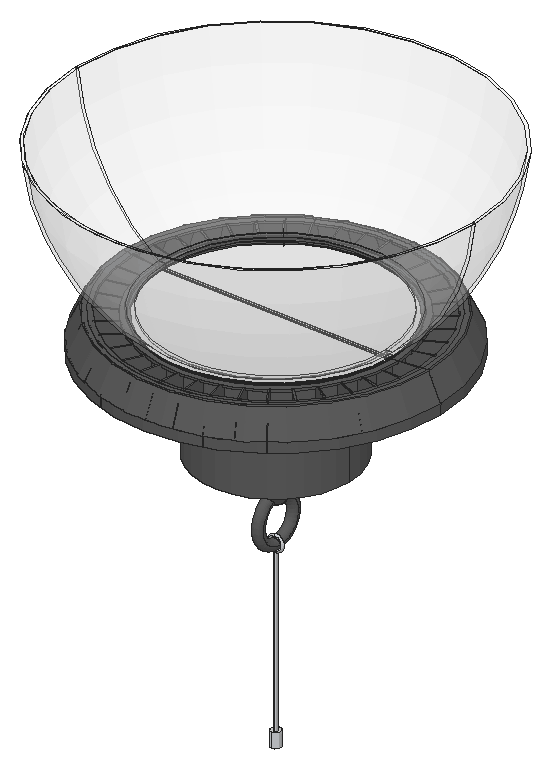
Revit family "0039349+0039361 Feilo Sylvania Lighting Fixture START HIGHBAY 4K 26KLM WIDE with PC LAMPSHADE TRANSPARENT FOR 26KLM", category Lighting Fixtures, host Face, Revit 2017
Family settings
  Host = Face
  Round Connector Dimension = Use Diameter
  Part Type = Normal
  OmniClass Number = 23.80.70.00
  OmniClass Title = Lighting
  Cut with Voids When Loaded = No
  Light Source = Yes
  Shared = No
  Room Calculation Point = No
Parameters (values of type "0039349+0039361 START HIGHBAY 4K 26KLM WIDE PC LAMPSHADE TRANSPARENT FOR 26KLM")
  WidthStraight_FEILO = if(SizeS_FEILO, 3 mm, if(SizeM_FEILO, 4 mm, 4.7 mm))  # 4.7 mm
  WidthRingChamfer_FEILO = if(SizeS_FEILO, 10.3 mm, if(SizeM_FEILO, 11.2 mm, 12.9 mm))  # 12.9 mm
  WidthCurved_FEILO = if(SizeS_FEILO, 17.4 mm, if(SizeM_FEILO, 16.4 mm, 26.2 mm))  # 26.2 mm
  WidthCurvedRing_FEILO = if(SizeS_FEILO, 3 mm, if(SizeM_FEILO, 4 mm, 4.7 mm))  # 4.7 mm
  WidthBracket_FEILO = 40 mm
  Weight = "3.7 kg"
  Wattage Comments = ""
  Wattage = 200 W
  WarrantyStartDate [instance] = "n/a"
  WarrantyGuarantorParts = "n/a"
  WarrantyDurationUnit = "n/a"
  WarrantyDurationParts = "n/a"
  WarrantyDescription = "n/a"
  built-in parameter 1150110 = 1 (stored number, unit not read)
  Voltage = 230 V
  VisibilityBracket_FEILO = no
  URL = "http://www.sylvania-lighting.com"
  TypeName = "START HIGHBAY 4K 26KLM WIDE PC LAMPSHADE TRANSPARENT FOR 26KLM"
  Type Image = <None>
  Type Comments = "n/a"
  built-in parameter 1114217 = 1 (stored number, unit not read)
  Tilt Angle = -90.00°
  ThicknessWall_FEILO = 1.5 mm
  ThicknessBracket_FEILO = 1.5 mm
  ThicknessBracketHalf_FEILO = ThicknessBracket_FEILO / 2  # 0.75 mm
  built-in parameter 1150109 = 1 (stored number, unit not read)
  built-in parameter 1150134 = 12
  SuspensionHeight_FEILO [instance] = 400 mm
  built-in parameter 1150113 = 1 (stored number, unit not read)
  SizeS_FEILO = no
  SizeM_FEILO = no
  ShadeThickness_FEILO = 3 mm
  ShadeSizeSM_FEILO = or(SizeS_FEILO, SizeM_FEILO)  # no
  ShadeRadiusOut_FEILO = 205 mm
  ShadeRadiusIn_FEILO = if(ShadeSizeSM_FEILO, 95 mm, 121 mm)  # 121 mm
  ShadeRadiusBend_FEILO = if(ShadeSizeSM_FEILO, 210 mm, 210 mm)  # 210 mm
  ShadeHeight_FEILO = if(ShadeSizeSM_FEILO, 120 mm, 151 mm)  # 151 mm
  SerialNumber [instance] = "n/a"
  Rib4_FEILO = if(SizeS_FEILO, 18.1 mm, if(SizeM_FEILO, 13.6 mm, 14.6 mm))  # 14.6 mm
  Rib3_FEILO = if(SizeS_FEILO, 15.3 mm, if(SizeM_FEILO, 17.6 mm, 20.2 mm))  # 20.2 mm
  Rib2_FEILO = if(SizeS_FEILO, 3.6 mm, if(SizeM_FEILO, 3.9 mm, 4.5 mm))  # 4.5 mm
  Rib1_FEILO = if(SizeS_FEILO, 15.1 mm, if(SizeM_FEILO, 16.5 mm, 19 mm))  # 19 mm
  RadiusDiffuser_FEILO = if(SizeS_FEILO, 95.2 mm, if(SizeM_FEILO, 105.3 mm, 120 mm))  # 120 mm
  RadiusArrayPost_FEILO = DriverRadius_FEILO - 6 mm  # 70.4 mm
  RHRadius3_FEILO = if(SizeS_FEILO, 6.6 mm, if(SizeM_FEILO, 7.4 mm, 8.6 mm))  # 8.6 mm
  RHRadius2_FEILO = if(SizeS_FEILO, 11 mm, if(SizeM_FEILO, 12 mm, 14 mm))  # 14 mm
  RHRadius1_FEILO = if(SizeS_FEILO, 13.6 mm, if(SizeM_FEILO, 14.9 mm, 17.7 mm))  # 17.7 mm
  RHHeight4_FEILO = if(SizeS_FEILO, 7.3 mm, if(SizeM_FEILO, 8 mm, 9.2 mm))  # 9.2 mm
  RHHeight3_FEILO = if(SizeS_FEILO, 3.6 mm, if(SizeM_FEILO, 3.7 mm, 4.6 mm))  # 4.6 mm
  RHHeight2_FEILO = if(SizeS_FEILO, 2 mm, if(SizeM_FEILO, 2.2 mm, 2.6 mm))  # 2.6 mm
  RHHeight1_FEILO = if(SizeS_FEILO, 11.8 mm, if(SizeM_FEILO, 15.3 mm, 17.4 mm))  # 17.4 mm
  Photometric Web File = "0039349+0039361.ies"
  Material_5_FEILO = Shade-Sylvania-StartHighbay-PC
  Material_3_FEILO = LED-Sylvania-StartHighbay-Glow
  PowerFactor = 0.95
  PowerConsumption = "200 W"
  NominalLength = 339 mm
  NominalHeight = 194 mm
  NominalDepth = 339 mm
  Name = "START HIGHBAY 4K 26KLM WIDE PC LAMPSHADE TRANSPARENT FOR 26KLM"
  ModelReference = Name  # "START HIGHBAY 4K 26KLM WIDE PC LAMPSHADE TRANSPARENT FOR 26KLM"
  ModelNumber = "0039349+0039361"
  Model = Name  # "START HIGHBAY 4K 26KLM WIDE PC LAMPSHADE TRANSPARENT FOR 26KLM"
  Material = "aluminium alloy housing, polycarbonate diffuser"
  ManufacturerName = "Feilo Sylvania"
  Manufacturer = "Feilo Sylvania"
  LuminousEfficacy = "130 lm/W"
  built-in parameter 1150105 = 17911 (stored number, unit not read)
  Lumens = 26000 lm
  LuminaireType = ""
  built-in parameter 1150115 = 1 (stored number, unit not read)
  LightOutputRatio = "n/a"
  built-in parameter 1150137 = (empty or 0)
  built-in parameter 1150139 = (empty or 0)
  LampsType = Lamp  # "LED"
  LampNominalLuminous = "26000 lm"
  LampMacAdamStep = "n/a"
  LampColourTemperature = "4000 K"
  LampColourRenderingIndex = "80"
  built-in parameter 1150112 = 1 (stored number, unit not read)
  built-in parameter 1150114 = 1 (stored number, unit not read)
  Lamp = "LED"
  Keynote = "16500"
  InstallationDate [instance] = "n/a"
  InputVoltage = "220-240V~"
  InputNominalFrequency = "50/60 Hz"
  built-in parameter 1150132 = (empty or 0)
  built-in parameter 1150102 = (empty or 0)
  built-in parameter 1150107 = 4000 (stored number, unit not read)
  built-in parameter 1150138 = (empty or 0)
  IngressProtection = "IP65"
  ImpactProtectionIndex = "IK08"
  built-in parameter 1150106 = 179.11 (stored number, unit not read)
  IfcExportType = "IfcLightFixtureType"
  IfcExportAs = "IfcLightFixtureType"
  HeightRing_FEILO = if(SizeS_FEILO, 19.8 mm, if(SizeM_FEILO, 32 mm, 36.8 mm))  # 36.8 mm
  HeightRingChamfer_FEILO = if(SizeS_FEILO, 11.7 mm, if(SizeM_FEILO, 23.2 mm, 26.6 mm))  # 26.6 mm
  EyeThickness_FEILO = if(SizeS_FEILO, 8.4 mm, if(SizeM_FEILO, 9.2 mm, 10.5 mm))  # 10.5 mm
  EyeThicknessHalf_FEILO = EyeThickness_FEILO / 2  # 5.25 mm
  EyeInner_FEILO = if(SizeS_FEILO, 13.8 mm, if(SizeM_FEILO, 15.1 mm, 17.3 mm))  # 17.3 mm
  ExpectedLife = 50000
  Emit from Circle Diameter = RadiusDiffuser_FEILO * 2  # 240 mm
  Emit Shape Visible in Rendering = no
  ElectricShockClassification = "Class I"
  built-in parameter 1150104 = 12.077 (stored number, unit not read)
  DurationUnit = "hours"
  DriverVerticalStraight_FEILO = if(SizeS_FEILO, 46.5 mm, if(SizeM_FEILO, 49.7 mm, 57 mm))  # 57 mm
  DriverVerticalChamfer_FEILO = if(SizeS_FEILO, 7.5 mm, if(SizeM_FEILO, 8.2 mm, 9.5 mm))  # 9.5 mm
  DriverRadius_FEILO = if(SizeS_FEILO, 61.4 mm, if(SizeM_FEILO, 67.2 mm, 76.4 mm))  # 76.4 mm
  DriverRadiusTop_FEILO = if(SizeS_FEILO, 42 mm, if(SizeM_FEILO, 45.3 mm, 52.4 mm))  # 52.4 mm
  DriverBottom_FEILO = if(SizeS_FEILO, 56 mm, if(SizeM_FEILO, 64.5 mm, 74 mm))  # 74 mm
  DocumentationLiterature = "http://www.sylvania-lighting.com/product/en-int/products/0039349"
  DimmingControlOptions = "n/a"
  Material_2_FEILO = Diffuser-Sylvania-StartHighbay-Transparent
  Radius_FEILO = if(SizeS_FEILO, 135 mm, if(SizeM_FEILO, 148 mm, 169.5 mm))  # 169.5 mm
  Dimming Lamp Color Temperature Shift = <None>
  DiameterWire_FEILO = 3 mm
  DiameterWireSupport_FEILO = 10 mm
  Description = "START HIGHBAY, includes 1 m cables, black aluminium housing, 26000LM, 200W, 130lm/W, 4000K, Driver current: 5000mA, CR80, 90° beam angle, 1-10V dimmable,  IP65, IK08, 50,000 hrs (L70B50), (LxWxH) 339x339x194mm"
  Default Elevation = 1219.2 mm
  CreatedOn = "2/28/2018"
  CreatedBy = ""
  Cost = 0
  Color Filter = 16777215
  built-in parameter 1114216 [instance] = (empty or 0)
  ClassificationValue = "EF_70_80"
  ClassificationName = "Uniclass2015"
  Material_1_FEILO = Body-Sylvania-StartHighbay-Black
  BarCode [instance] = "n/a"
  built-in parameter 1114218 = 1 (stored number, unit not read)
  built-in parameter 1150133 = 10 (stored number, unit not read)
  AssetType = "Fixed"
  AssetIdentifier [instance] = "n/a"
  Assembly Code = "D5020200"
  Apparent Load = 200 VA
  Material_4_FEILO = Shade-Sylvania-StartHighbay-PC
Reference planes
  plane 1 "Center (Front/Back)": y = 0
  plane 2: z = 0
  plane 3 "Center (Left/Right)": x = 0
  plane 4: z = 400
  plane 5: x = -169.5
  plane 6: x = -156.6
  plane 7: z = 373.4
  plane 8: z = 363.2
  plane 9: x = -151.9
  plane 10: z = 397.375
  plane 11: x = -125.7
  plane 12: x = -120
  plane 13: x = -147.2
  plane 14: z = 398.375
  plane 15: z = 396.375
  plane 16: x = -117
  plane 17: z = 395.375
  plane 18: x = -168
  plane 19: x = -150.5
  plane 20: z = 358.7
  plane 21: x = -130.3
  plane 22: z = 344.1
  plane 23: x = -20
  plane 24: z = 326
  plane 25: x = -76.4
  plane 26: z = 269
  plane 27: x = -52.4
  plane 28: z = 259.5
  plane 29: x = -17.7
  plane 30: z = 242.1
  plane 31: z = 239.5
  plane 32: x = -14
  plane 33: z = 234.9
  plane 34: z = 225.7
  plane 35: x = -8.6
  plane 36: z = 208.4
  plane 37: z = 191.1
  plane 38: x = 5.25
  plane 39: x = -5.25
  plane 40: z = 180.6
  plane 41: z = 185.85
  plane 42: x = -162.3
  plane 43: x = -167
  plane 44: z = 361.7
  plane 45: x = -155.1
  plane 46: z = 297.5
  plane 47: y = -20
  plane 48: y = 20
  plane 49: x = 169.5
  plane 50: x = 156.6
  plane 51: x = 168
  plane 52: x = 162.3
  plane 53: x = 167
  plane 54: x = 155.1
  plane 55: z = 194.1
  plane 56: y = 1.5
  plane 57: y = -1.5
  plane 58: z = 192.6
  plane 59: z = 179.1
  plane 60: z = 177.6
  plane 61: y = -5
  plane 62: y = 5
  plane 63: z = 14
  plane 64: x = -205
  plane 65: z = 551
  plane 66: x = -121
  plane 67: x = -113
  plane 68: x = -202
  plane 69: z = 403
Forms (mm)
  Revolve 1, solid, material "Body-Sylvania-StartHighbay-Black" <- "Material_1_FEILO", detail levels medium+fine
    sketch origin (0, 0, 0) x (1, 0, 0) y (0, 0, 1)
      loop
        line (-169.5, 363.2) -> (-168, 363.2) -> (-168, 373.055) -> (-156.206, 397.375) -> (-147.2, 397.375) -> (-147.2, 399.137)
        arc (-147.2, 399.137) -> (-149.554, 399.547) -> (-151.9, 400) r 132.063
        line (-151.9, 400) -> (-156.141, 400)
        arc (-156.141, 400) -> (-156.63, 399.826) -> (-156.899, 399.383) r 0.774
        line (-156.899, 399.383) -> (-169.5, 373.4) -> (-169.5, 363.2)
      axis (0, 400) -> (0, 363.2)
    angle from 360 to 0
  Revolve 2, solid, material "Body-Sylvania-StartHighbay-Black" <- "Material_1_FEILO", detail levels medium+fine
    sketch origin (0, 0, 0) x (1, 0, 0) y (0, 0, 1)
      loop
        line (-125.7, 395.375) -> (-120, 395.375) -> (-120, 373.4) -> (0, 373.4) -> (0, 395.375) -> (-117, 395.375) -> (-117, 396.375) -> (-120, 396.375) -> (-120, 397.375) -> (-125.7, 397.375) -> (-125.7, 395.375)
      axis (0, 397.375) -> (0, 373.4)
    angle from 360 to 0
  Revolve 3, solid, material "Diffuser-Sylvania-StartHighbay-Transparent" <- "Material_2_FEILO", detail levels medium+fine
    sketch origin (0, 0, 0) x (1, 0, 0) y (0, 0, 1)
      loop
        line (-120, 396.375) -> (0, 396.375) -> (0, 398.375) -> (-120, 398.375) -> (-120, 396.375)
      axis (0, 398.375) -> (0, 396.375)
    angle from 360 to 0
  Revolve 4, solid, material "Body-Sylvania-StartHighbay-Black" <- "Material_1_FEILO"
    sketch origin (0, 0, 0) x (1, 0, 0) y (0, 0, 1)
      loop
        line (-76.4, 344.1) -> (-76.4, 269) -> (-52.4, 259.5) -> (-17.7, 259.5) -> (-17.7, 242.1) -> (-14, 239.5) -> (-14, 234.9) -> (-9.037, 226.426)
        arc (-9.037, 226.426) -> (-8.49, 225.894) -> (-7.753, 225.7) r 1.5
        line (-7.753, 225.7) -> (0, 225.7) -> (0, 344.1) -> (-76.4, 344.1)
      axis (0, 344.1) -> (0, 225.7)
    angle from 360 to 0
  Revolve 5, solid, material "Body-Sylvania-StartHighbay-Black" <- "Material_1_FEILO"
    sketch origin (0, 0, 0) x (1, 0, 0) y (0, 0, 1)
      loop
        circle (0, 185.85) r 5.25
      axis (5.25, 208.4) -> (-5.25, 208.4)
    angle from 360 to 0
  Extrusion 6, solid, material "Body-Sylvania-StartHighbay-Black" <- "Material_1_FEILO", visible <- "VisibilityBracket_FEILO"
    sketch origin (0, 0, 0) x (1, 0, 0) y (0, 0, 1)
      loop
        line (-167, 363.2) -> (-167, 361.7) -> (-157.35, 361.7)
        arc (-157.35, 361.7) -> (-156.82, 361.48) -> (-156.6, 360.95) r 0.75
        line (-156.6, 360.95) -> (-156.6, 297.5) -> (-155.1, 297.5) -> (-155.1, 361.7)
        arc (-155.1, 361.7) -> (-155.539, 362.761) -> (-156.6, 363.2) r 1.5
        line (-156.6, 363.2) -> (-167, 363.2)
      loop
        line (167, 363.2) -> (156.6, 363.2)
        arc (156.6, 363.2) -> (155.539, 362.761) -> (155.1, 361.7) r 1.5
        line (155.1, 361.7) -> (155.1, 297.5) -> (156.6, 297.5) -> (156.6, 360.95)
        arc (156.6, 360.95) -> (156.82, 361.48) -> (157.35, 361.7) r 0.75
        line (157.35, 361.7) -> (167, 361.7) -> (167, 363.2)
    from -20 to 20
  Extrusion 7, void
    sketch origin (0, 0, 0) x (0, 1, 0) y (0, 0, 1)
      loop
        arc (-10, 297.5) -> (-17.071, 300.429) -> (-20, 307.5) r 10
        line (-20, 307.5) -> (-25, 307.5) -> (-25, 292.5) -> (-10, 292.5) -> (-10, 297.5)
      loop
        line (10, 297.5) -> (10, 292.5) -> (25, 292.5) -> (25, 307.5) -> (20, 307.5)
        arc (20, 307.5) -> (17.071, 300.429) -> (10, 297.5) r 10
    from -156.6 to 156.6
  Revolve 8, solid, material "Body-Sylvania-StartHighbay-Black" <- "Material_1_FEILO", detail levels coarse
    sketch origin (0, 0, 0) x (1, 0, 0) y (0, 0, 1)
      loop
        line (0, 400) -> (-156.6, 400) -> (-169.5, 373.4) -> (-169.5, 363.2) -> (-150.5, 363.2) -> (-150.5, 358.7) -> (-130.3, 344.1) -> (0, 344.1) -> (0, 400)
      axis (0, 400) -> (0, 344.1)
    angle from 360 to 0
  Revolve 9, solid
    sketch origin (0, 0, 0) x (0, 1, 0) y (0, 0, 1)
      loop
        circle (0, 192.6) r 1.5
      axis (1.5, 185.85) -> (-1.5, 185.85)
    angle from 360 to 0
  Revolve 10, solid
    sketch origin (0, 0, 0) x (0, 1, 0) y (0, 0, 1)
      loop
        line (0, 0) -> (0, 179.1) -> (-1.5, 179.1) -> (-1.5, 14) -> (-5, 14) -> (-5, 0) -> (0, 0)
      axis (0, 0) -> (0, 179.1)
    angle from 360 to 0
  Revolve 11, solid, material "Shade-Sylvania-StartHighbay-PC" <- "Material_4_FEILO"
    sketch origin (0, 0, 0) x (1, 0, 0) y (0, 0, 1)
      loop
        line (-121, 400) -> (-113, 400) -> (-113, 403) -> (-120.341, 403)
        arc (-120.341, 403) -> (-177.055, 468.269) -> (-202.193, 551) r 207.203
        line (-202.193, 551) -> (-205, 551)
        arc (-205, 551) -> (-179.25, 466.46) -> (-121, 400) r 210
      axis (0, 551) -> (0, 400)
    angle from 360 to 0
Cuts and joins
  Extrusion 7 cuts Extrusion 6
Lines and regions (mm)
  reference lines
    curve 1: line (-169.5, 0, 373.4) -> (-156.6, 0, 400)
    curve 2: line (-125.7, 0, 397.375) -> (0, 0, 397.375)
    curve 3: arc (-125.7, 0, 397.375) -> (-138.866, 0, 398.033) -> (-151.9, 0, 400) r 132.063
    curve 4: line (-156.6, 0, 400) -> (-151.9, 0, 400)
    curve 5: line (-156.206, 0, 397.375) -> (-168, 0, 373.055)
    curve 6: line (-150.5, 0, 358.7) -> (-130.3, 0, 344.1)
    curve 7: line (-14, 0, 234.9) -> (-8.6, 0, 225.7)
    curve 8: circle (0, 0, 185.85) r 5.25 normal (0, -1, 0)
    curve 9: arc (-121, 0, 400) -> (-179.25, 0, 466.46) -> (-205, 0, 551) r 210
Dimensions and locks
  "Radius_FEILO": plane 3 "Center (Left/Right)" to plane 5
  "WidthRingChamfer_FEILO": plane 6 to plane 5
  "WidthStraight_FEILO": plane 9 to plane 6
  "WidthCurvedRing_FEILO": plane 13 to plane 9
  locked: plane 10 to plane 15 at 1
  locked: plane 14 to plane 10 at 1
  locked: plane 4 to plane 10 at 2.625
  locked: plane 15 to plane 17 at 1
  "ThicknessWall_FEILO": plane 18 to plane 5
  "ThicknessWall_FEILO": curve 5 to curve 1
  "HeightRingChamfer_FEILO": plane 4 to plane 7
  "HeightRing_FEILO": plane 4 to plane 8
  "RadiusDiffuser_FEILO": plane 3 "Center (Left/Right)" to plane 12
  locked: plane 16 to plane 12 at 3
  "WidthCurved_FEILO": plane 11 to plane 9
  "SuspensionHeight_FEILO": plane 4 to plane 2
  "Rib1_FEILO": plane 19 to plane 5
  "Rib2_FEILO": plane 8 to plane 20
  "Rib3_FEILO": plane 21 to plane 19
  "Rib4_FEILO": plane 20 to plane 22
  locked: plane 3 "Center (Left/Right)" to plane 23 at 20
  "DriverBottom_FEILO": plane 4 to plane 24
  "DriverRadius_FEILO": plane 3 "Center (Left/Right)" to plane 25
  "DriverVerticalStraight_FEILO": plane 24 to plane 26
  "DriverRadiusTop_FEILO": plane 3 "Center (Left/Right)" to plane 27
  "DriverVerticalChamfer_FEILO": plane 26 to plane 28
  "RHRadius1_FEILO": plane 3 "Center (Left/Right)" to plane 29
  "RHHeight2_FEILO": plane 30 to plane 31
  "RHRadius2_FEILO": plane 3 "Center (Left/Right)" to plane 32
  "RHHeight3_FEILO": plane 31 to plane 33
  "RHHeight4_FEILO": plane 33 to plane 34
  "RHRadius3_FEILO": plane 3 "Center (Left/Right)" to plane 35
  "RHHeight1_FEILO": plane 28 to plane 30
  "EyeInner_FEILO": plane 34 to plane 36
  "EyeInner_FEILO": plane 36 to plane 37
  equal spacing: plane 38, plane 3 "Center (Left/Right)", plane 39
  "EyeThickness_FEILO": plane 38 to plane 39
  "EyeThickness_FEILO": plane 37 to plane 40
  equal spacing: plane 37, plane 41, plane 40
  equal spacing: plane 6, plane 42, plane 18
  "ThicknessBracket_FEILO": plane 45 to plane 6
  "ThicknessBracket_FEILO": plane 8 to plane 44
  locked: plane 43 to plane 18 at 1
  equal spacing: plane 24, plane 46, plane 26
  equal spacing: plane 47, plane 1 "Center (Front/Back)", plane 48
  "WidthBracket_FEILO": plane 47 to plane 48
  "WidthRingChamfer_FEILO": plane 50 to plane 49
  "ThicknessWall_FEILO": plane 51 to plane 49
  equal spacing: plane 50, plane 52, plane 51
  "ThicknessBracket_FEILO": plane 54 to plane 50
  locked: plane 53 to plane 51 at 1
  "Radius_FEILO": plane 49 to plane 3 "Center (Left/Right)"
  equal spacing: plane 57, imposter light, plane 56
  "DiameterWire_FEILO": plane 57 to plane 56
  "DiameterWire_FEILO": plane 37 to plane 55
  equal spacing: plane 37, plane 58, plane 55
  "DiameterWire_FEILO": plane 60 to plane 40
  equal spacing: plane 60, plane 59, plane 40
  equal spacing: plane 61, plane 1 "Center (Front/Back)", plane 62
  "DiameterWireSupport_FEILO": plane 61 to plane 62
  locked: plane 63 to plane 2 at 14
  "ShadeRadiusOut_FEILO": plane 3 "Center (Left/Right)" to plane 64
  "ShadeHeight_FEILO": plane 65 to plane 4
  "ShadeRadiusIn_FEILO": plane 3 "Center (Left/Right)" to plane 66
  locked: plane 67 to plane 66 at 8
  "ShadeThickness_FEILO": plane 69 to plane 4
  "ShadeThickness_FEILO": plane 68 to plane 64
  "EyeThicknessHalf_FEILO": radius of curve 8
  "ThicknessBracket_FEILO": radius of Extrusion 6 sketch curve  (x2)
  "ThicknessBracketHalf_FEILO": radius of Extrusion 6 sketch curve  (x2)
  "DiameterWire_FEILO": diameter of Revolve 9 sketch curve
  "ShadeRadiusBend_FEILO": radius of curve 9
  aligned and locked: plane 2 to host face
  aligned and locked: level to host face
  aligned and locked: plane 5 to curve 1
  aligned and locked: plane 6 to curve 1
  aligned and locked: plane 7 to curve 1
  aligned and locked: plane 10 to curve 2
  aligned and locked: plane 9 to curve 3
  aligned and locked: plane 4 to curve 3
  aligned and locked: plane 11 to curve 3
  aligned and locked: plane 4 to curve 4
  aligned and locked: plane 18 to curve 5
  aligned and locked: plane 10 to curve 5
  aligned and locked: Revolve 1 sketch curve to plane 3 "Center (Left/Right)"
  aligned and locked: Revolve 1 sketch curve to curve 3
  aligned and locked: Revolve 1 sketch curve to curve 1
  aligned and locked: plane 4 to Revolve 1 sketch curve
  aligned and locked: plane 9 to Revolve 1 sketch curve
  aligned and locked: Revolve 1 sketch curve to plane 13
  aligned and locked: Revolve 1 sketch curve to plane 10
  aligned and locked: plane 13 to Revolve 1 sketch curve
  aligned and locked: plane 10 to Revolve 1 sketch curve
  aligned and locked: Revolve 1 sketch curve to plane 18
  aligned and locked: Revolve 1 sketch curve to plane 8
  aligned and locked: plane 5 to Revolve 1 sketch curve  (x2)
  aligned and locked: Revolve 2 sketch curve to plane 3 "Center (Left/Right)"
  aligned and locked: plane 11 to Revolve 2 sketch curve
  aligned and locked: Revolve 2 sketch curve to curve 2
  aligned and locked: plane 15 to Revolve 2 sketch curve
  aligned and locked: Revolve 2 sketch curve to plane 16
  aligned and locked: plane 17 to Revolve 2 sketch curve  (x2)
  aligned and locked: Revolve 2 sketch curve to plane 12
  aligned and locked: plane 7 to Revolve 2 sketch curve
  aligned and locked: Revolve 3 sketch curve to plane 3 "Center (Left/Right)"
  aligned and locked: Revolve 3 sketch curve to plane 14
  aligned and locked: plane 3 "Center (Left/Right)" to Revolve 3 sketch curve
  aligned and locked: Revolve 3 sketch curve to plane 12
  aligned and locked: plane 15 to Revolve 3 sketch curve
  aligned and locked: Revolve 1 sketch curve to curve 5
  aligned and locked: plane 22 to curve 6
  aligned and locked: plane 21 to curve 6
  aligned and locked: plane 20 to curve 6
  aligned and locked: plane 19 to curve 6
  aligned and locked: plane 33 to curve 7
  aligned and locked: plane 32 to curve 7
  aligned and locked: plane 35 to curve 7
  aligned and locked: plane 34 to curve 7
  aligned and locked: Revolve 4 sketch curve to plane 3 "Center (Left/Right)"
  aligned and locked: Revolve 4 sketch curve to plane 25
  aligned and locked: plane 27 to Revolve 4 sketch curve
  aligned and locked: plane 28 to Revolve 4 sketch curve
  aligned and locked: plane 30 to Revolve 4 sketch curve
  aligned and locked: Revolve 4 sketch curve to plane 29
  aligned and locked: plane 31 to Revolve 4 sketch curve
  aligned and locked: Revolve 4 sketch curve to curve 7
  aligned and locked: Revolve 4 sketch curve to plane 32
  aligned and locked: plane 34 to Revolve 4 sketch curve
  aligned and locked: plane 3 "Center (Left/Right)" to Revolve 4 sketch curve
  aligned and locked: plane 3 "Center (Left/Right)" to curve 8
  aligned and locked: plane 41 to curve 8
  aligned and locked: Revolve 5 sketch curve to plane 36
  aligned and locked: Revolve 5 sketch curve to curve 8
  aligned and locked: plane 43 to Extrusion 6 sketch curve  (x2)
  aligned and locked: plane 8 to Extrusion 6 sketch curve  (x3)
  aligned and locked: Extrusion 6 sketch curve to plane 45
  aligned and locked: Extrusion 6 sketch curve to plane 46  (x2)
  aligned and locked: plane 6 to Extrusion 6 sketch curve
  aligned and locked: Extrusion 6 sketch curve to plane 44  (x2)
  aligned and locked: Extrusion 6 to plane 48
  aligned and locked: plane 47 to Extrusion 6
  aligned and locked: plane 53 to Extrusion 6 sketch curve
  aligned and locked: plane 50 to Extrusion 6 sketch curve
  aligned and locked: Extrusion 6 sketch curve to plane 54
  aligned and locked: Extrusion 7 sketch curve to Extrusion 7 sketch curve
  aligned and locked: Extrusion 7 to plane 6
  aligned and locked: Extrusion 7 to Extrusion 6
  aligned and locked: Revolve 4 sketch curve to plane 22
  aligned and locked: plane 23 to nested 1
  aligned and locked: plane 1 "Center (Front/Back)" to nested 1
  aligned and locked: Revolve 8 sketch curve to plane 3 "Center (Left/Right)"
  aligned and locked: Revolve 8 sketch curve to plane 4
  aligned and locked: plane 6 to Revolve 8 sketch curve
  aligned and locked: plane 4 to Revolve 8 sketch curve
  aligned and locked: plane 7 to Revolve 8 sketch curve
  aligned and locked: Revolve 8 sketch curve to plane 5
  aligned and locked: plane 8 to Revolve 8 sketch curve  (x2)
  aligned and locked: Revolve 8 sketch curve to plane 19
  aligned and locked: plane 20 to Revolve 8 sketch curve
  aligned and locked: plane 19 to Revolve 8 sketch curve
  aligned and locked: plane 21 to Revolve 8 sketch curve
  aligned and locked: plane 22 to Revolve 8 sketch curve  (x2)
  aligned and locked: Revolve 8 sketch curve to Revolve 8 sketch curve
  aligned and locked: imposter light to plane 4
  aligned and locked: plane 3 "Center (Left/Right)" to imposter light
  aligned and locked: imposter light to plane 1 "Center (Front/Back)"
  aligned and locked: Revolve 9 sketch curve to plane 41
  aligned and locked: Revolve 10 sketch curve to plane 1 "Center (Front/Back)"
  aligned and locked: plane 1 "Center (Front/Back)" to Revolve 10 sketch curve  (x2)
  aligned and locked: host face to Revolve 10 sketch curve
  aligned and locked: plane 63 to Revolve 10 sketch curve
  aligned and locked: Revolve 10 sketch curve to plane 61
  aligned and locked: Revolve 10 sketch curve to plane 57
  aligned and locked: plane 59 to Revolve 10 sketch curve
  aligned and locked: plane 64 to curve 9
  aligned and locked: plane 65 to curve 9
  aligned and locked: plane 66 to curve 9
  aligned and locked: plane 4 to curve 9
  aligned and locked: Revolve 11 sketch curve to curve 9
  aligned and locked: plane 67 to Revolve 11 sketch curve
  aligned and locked: plane 66 to Revolve 11 sketch curve
  aligned and locked: plane 65 to Revolve 11 sketch curve  (x2)
  aligned and locked: Revolve 11 sketch curve to plane 67
  aligned and locked: plane 69 to Revolve 11 sketch curve
Automatic sketch dimensions
  host sketch curve to host sketch curve = 2438.4 mm  (x2)
  Revolve 1 sketch curve to plane 6 = 0.299 mm
  plane 6 to Revolve 1 sketch curve = 0.459 mm
  Revolve 1 sketch curve to level = 609.6 mm
  Revolve 1 sketch curve to Revolve 1 sketch curve = 2312.223 mm
  Revolve 2 sketch curve to plane 12 = 0 mm
  Revolve 2 sketch curve to plane 3 "Center (Left/Right)" = 0 mm
  Revolve 2 sketch curve to level = 609.6 mm
  Revolve 2 sketch curve to plane 4 = 2339.058 mm
  Revolve 3 sketch curve to level = 609.6 mm
  Revolve 3 sketch curve to plane 4 = 2339.058 mm
  Revolve 5 sketch curve to plane 5 = 1080 mm
  plane 38 to Revolve 5 sketch curve = 1219.2 mm
  Extrusion 7 sketch curve to plane 47 = 0 mm
  plane 46 to Extrusion 7 sketch curve = 0 mm  (x2)
  Extrusion 7 sketch curve to plane 48 = 0 mm
  plane 47 to Extrusion 7 sketch curve = 5 mm
  plane 1 "Center (Front/Back)" to Extrusion 7 sketch curve = 10 mm
  Extrusion 7 sketch curve to Extrusion 7 sketch curve = 10 mm
  plane 46 to Extrusion 7 sketch curve = 5 mm
  Extrusion 7 sketch curve to Extrusion 7 sketch curve = 5 mm
  Extrusion 7 sketch curve to plane 48 = 5 mm
  Revolve 4 sketch curve to plane 26 = 0 mm
  Revolve 4 sketch curve to plane 35 = 0.437 mm
  plane 35 to Revolve 4 sketch curve = 0.847 mm
  Revolve 4 sketch curve to plane 34 = 0.726 mm
  plane 40 to Revolve 4 sketch curve = 590.2 mm
  Revolve 4 sketch curve to plane 4 = 2339.058 mm
  Revolve 8 sketch curve to level = 609.6 mm
  Revolve 8 sketch curve to Revolve 8 sketch curve = 2386.058 mm
  Revolve 9 sketch curve to plane 1 "Center (Front/Back)" = 0 mm
  plane 58 to Revolve 9 sketch curve = 0 mm
  plane 47 to Revolve 9 sketch curve = 2534.941 mm
  Revolve 9 sketch curve to plane 48 = 2077.409 mm
  Revolve 10 sketch curve to Revolve 10 sketch curve = 609.6 mm
  Revolve 10 sketch curve to plane 4 = 2123.807 mm
  curve 2 to plane 3 "Center (Left/Right)" = 0 mm
  Revolve 11 sketch curve to Revolve 11 sketch curve = 0 mm  (x2)
  Revolve 11 sketch curve to plane 3 "Center (Left/Right)" = 0 mm
  plane 66 to Revolve 11 sketch curve = 0.659 mm
  Revolve 11 sketch curve to level = 609.6 mm
  Revolve 11 sketch curve to Revolve 11 sketch curve = 2068.248 mm
Nested families
  nested 1: "Start Highbay Rib" at (0, 0, 397.375), type "Type Name", detail levels medium+fine
    with SuspensionHeight_FEILO 2.6 mm
  nested 2: "Start Highbay Rib" at (0, 0, 397.375) x (0.9877, 0.1564, 0) z (0, 0, 1), type "Type Name", detail levels medium+fine
    with SuspensionHeight_FEILO 2.6 mm
  nested 3: "Start Highbay Rib" at (0, 0, 397.375) x (0.9511, 0.309, 0) z (0, 0, 1), type "Type Name", detail levels medium+fine
    with SuspensionHeight_FEILO 2.6 mm
  nested 4: "Start Highbay Rib" at (0, 0, 397.375) x (0.891, 0.454, 0) z (0, 0, 1), type "Type Name", detail levels medium+fine
    with SuspensionHeight_FEILO 2.6 mm
  nested 5: "Start Highbay Rib" at (0, 0, 397.375) x (0.809, 0.5878, 0) z (0, 0, 1), type "Type Name", detail levels medium+fine
    with SuspensionHeight_FEILO 2.6 mm
  nested 6: "Start Highbay Rib" at (0, 0, 397.375) x (0.7071, 0.7071, 0) z (0, 0, 1), type "Type Name", detail levels medium+fine
    with SuspensionHeight_FEILO 2.6 mm
  nested 7: "Start Highbay Rib" at (0, 0, 397.375) x (0.5878, 0.809, 0) z (0, 0, 1), type "Type Name", detail levels medium+fine
    with SuspensionHeight_FEILO 2.6 mm
  nested 8: "Start Highbay Rib" at (0, 0, 397.375) x (0.454, 0.891, 0) z (0, 0, 1), type "Type Name", detail levels medium+fine
    with SuspensionHeight_FEILO 2.6 mm
  nested 9: "Start Highbay Rib" at (0, 0, 397.375) x (0.309, 0.9511, 0) z (0, 0, 1), type "Type Name", detail levels medium+fine
    with SuspensionHeight_FEILO 2.6 mm
  nested 10: "Start Highbay Rib" at (0, 0, 397.375) x (0.1564, 0.9877, 0) z (0, 0, 1), type "Type Name", detail levels medium+fine
    with SuspensionHeight_FEILO 2.6 mm
  nested 11: "Start Highbay Rib" at (0, 0, 397.375) x (0, 1, 0) z (0, 0, 1), type "Type Name", detail levels medium+fine
    with SuspensionHeight_FEILO 2.6 mm
  nested 12: "Start Highbay Rib" at (0, 0, 397.375) x (-0.1564, 0.9877, 0) z (0, 0, 1), type "Type Name", detail levels medium+fine
    with SuspensionHeight_FEILO 2.6 mm
  nested 13: "Start Highbay Rib" at (0, 0, 397.375) x (-0.309, 0.9511, 0) z (0, 0, 1), type "Type Name", detail levels medium+fine
    with SuspensionHeight_FEILO 2.6 mm
  nested 14: "Start Highbay Rib" at (0, 0, 397.375) x (-0.454, 0.891, 0) z (0, 0, 1), type "Type Name", detail levels medium+fine
    with SuspensionHeight_FEILO 2.6 mm
  nested 15: "Start Highbay Rib" at (0, 0, 397.375) x (-0.5878, 0.809, 0) z (0, 0, 1), type "Type Name", detail levels medium+fine
    with SuspensionHeight_FEILO 2.6 mm
  nested 16: "Start Highbay Rib" at (0, 0, 397.375) x (-0.7071, 0.7071, 0) z (0, 0, 1), type "Type Name", detail levels medium+fine
    with SuspensionHeight_FEILO 2.6 mm
  nested 17: "Start Highbay Rib" at (0, 0, 397.375) x (-0.809, 0.5878, 0) z (0, 0, 1), type "Type Name", detail levels medium+fine
    with SuspensionHeight_FEILO 2.6 mm
  nested 18: "Start Highbay Rib" at (0, 0, 397.375) x (-0.891, 0.454, 0) z (0, 0, 1), type "Type Name", detail levels medium+fine
    with SuspensionHeight_FEILO 2.6 mm
  nested 19: "Start Highbay Rib" at (0, 0, 397.375) x (-0.9511, 0.309, 0) z (0, 0, 1), type "Type Name", detail levels medium+fine
    with SuspensionHeight_FEILO 2.6 mm
  nested 20: "Start Highbay Rib" at (0, 0, 397.375) x (-0.9877, 0.1564, 0) z (0, 0, 1), type "Type Name", detail levels medium+fine
    with SuspensionHeight_FEILO 2.6 mm
  nested 21: "Start Highbay Rib" at (0, 0, 397.375) x (-1, 0, 0) z (0, 0, 1), type "Type Name", detail levels medium+fine
    with SuspensionHeight_FEILO 2.6 mm
  nested 22: "Start Highbay Rib" at (0, 0, 397.375) x (-0.9877, -0.1564, 0) z (0, 0, 1), type "Type Name", detail levels medium+fine
    with SuspensionHeight_FEILO 2.6 mm
  nested 23: "Start Highbay Rib" at (0, 0, 397.375) x (-0.9511, -0.309, 0) z (0, 0, 1), type "Type Name", detail levels medium+fine
    with SuspensionHeight_FEILO 2.6 mm
  nested 24: "Start Highbay Rib" at (0, 0, 397.375) x (-0.891, -0.454, 0) z (0, 0, 1), type "Type Name", detail levels medium+fine
    with SuspensionHeight_FEILO 2.6 mm
  nested 25: "Start Highbay Rib" at (0, 0, 397.375) x (-0.809, -0.5878, 0) z (0, 0, 1), type "Type Name", detail levels medium+fine
    with SuspensionHeight_FEILO 2.6 mm
  nested 26: "Start Highbay Rib" at (0, 0, 397.375) x (-0.7071, -0.7071, 0) z (0, 0, 1), type "Type Name", detail levels medium+fine
    with SuspensionHeight_FEILO 2.6 mm
  nested 27: "Start Highbay Rib" at (0, 0, 397.375) x (-0.5878, -0.809, 0) z (0, 0, 1), type "Type Name", detail levels medium+fine
    with SuspensionHeight_FEILO 2.6 mm
  nested 28: "Start Highbay Rib" at (0, 0, 397.375) x (-0.454, -0.891, 0) z (0, 0, 1), type "Type Name", detail levels medium+fine
    with SuspensionHeight_FEILO 2.6 mm
  nested 29: "Start Highbay Rib" at (0, 0, 397.375) x (-0.309, -0.9511, 0) z (0, 0, 1), type "Type Name", detail levels medium+fine
    with SuspensionHeight_FEILO 2.6 mm
  nested 30: "Start Highbay Rib" at (0, 0, 397.375) x (-0.1564, -0.9877, 0) z (0, 0, 1), type "Type Name", detail levels medium+fine
    with SuspensionHeight_FEILO 2.6 mm
  nested 31: "Start Highbay Rib" at (0, 0, 397.375) x (0, -1, 0) z (0, 0, 1), type "Type Name", detail levels medium+fine
    with SuspensionHeight_FEILO 2.6 mm
  nested 32: "Start Highbay Rib" at (0, 0, 397.375) x (0.1564, -0.9877, 0) z (0, 0, 1), type "Type Name", detail levels medium+fine
    with SuspensionHeight_FEILO 2.6 mm
  nested 33: "Start Highbay Rib" at (0, 0, 397.375) x (0.309, -0.9511, 0) z (0, 0, 1), type "Type Name", detail levels medium+fine
    with SuspensionHeight_FEILO 2.6 mm
  nested 34: "Start Highbay Rib" at (0, 0, 397.375) x (0.454, -0.891, 0) z (0, 0, 1), type "Type Name", detail levels medium+fine
    with SuspensionHeight_FEILO 2.6 mm
  nested 35: "Start Highbay Rib" at (0, 0, 397.375) x (0.5878, -0.809, 0) z (0, 0, 1), type "Type Name", detail levels medium+fine
    with SuspensionHeight_FEILO 2.6 mm
  nested 36: "Start Highbay Rib" at (0, 0, 397.375) x (0.7071, -0.7071, 0) z (0, 0, 1), type "Type Name", detail levels medium+fine
    with SuspensionHeight_FEILO 2.6 mm
  nested 37: "Start Highbay Rib" at (0, 0, 397.375) x (0.809, -0.5878, 0) z (0, 0, 1), type "Type Name", detail levels medium+fine
    with SuspensionHeight_FEILO 2.6 mm
  nested 38: "Start Highbay Rib" at (0, 0, 397.375) x (0.891, -0.454, 0) z (0, 0, 1), type "Type Name", detail levels medium+fine
    with SuspensionHeight_FEILO 2.6 mm
  nested 39: "Start Highbay Rib" at (0, 0, 397.375) x (0.9511, -0.309, 0) z (0, 0, 1), type "Type Name", detail levels medium+fine
    with SuspensionHeight_FEILO 2.6 mm
  nested 40: "Start Highbay Rib" at (0, 0, 397.375) x (0.9877, -0.1564, 0) z (0, 0, 1), type "Type Name", detail levels medium+fine
    with SuspensionHeight_FEILO 2.6 mm
Connectors
  electrical at (0, 0, 0), driven by "Apparent Load", driven by "PowerFactor", driven by "Voltage"
    settings: index 1, voltage 230 V, apparent load 200 VA, apparent load phase1 0 VA, apparent load phase2 0 VA, apparent load phase3 0 VA, power factor 0.95, load classification "Lighting", number of poles 1, system type 30, power factor state 1, is connector primary yes, connector utility no, sub classification motor no, connector description ""
Definition of nested family "Start Highbay Rib"
  Parameters (values of type "Type Name")
    WidthStraight_FEILO = if(SizeS_FEILO, 3 mm, if(SizeM_FEILO, 4 mm, 4.7 mm))  # 3 mm
    WidthRingChamfer_FEILO = if(SizeS_FEILO, 10.3 mm, if(SizeM_FEILO, 11.2 mm, 12.9 mm))  # 10.3 mm
    WidthCurved_FEILO = if(SizeS_FEILO, 17.4 mm, if(SizeM_FEILO, 16.4 mm, 26.2 mm))  # 17.4 mm
    WidthCurvedRing_FEILO = if(SizeS_FEILO, 3 mm, if(SizeM_FEILO, 4 mm, 4.7 mm))  # 3 mm
    WidthBracket_FEILO = 40 mm
    URL = "http://www.feilosylvania.com"
    Type Image = (empty or 0)
    Type Comments = "n/a"
    ThicknessWall_FEILO = 1.5 mm
    ThicknessBracket_FEILO = 1.5 mm
    ThicknessBracketHalf_FEILO = ThicknessBracket_FEILO / 2  # 0.75 mm
    SuspensionHeight_FEILO [instance] = 2.6 mm
    SizeS_FEILO = yes
    SizeM_FEILO = no
    Rib4_FEILO = if(SizeS_FEILO, 18.1 mm, if(SizeM_FEILO, 13.6 mm, 14.6 mm))  # 18.1 mm
    Rib3_FEILO = if(SizeS_FEILO, 15.3 mm, if(SizeM_FEILO, 17.6 mm, 20.2 mm))  # 15.3 mm
    Rib2_FEILO = if(SizeS_FEILO, 3.6 mm, if(SizeM_FEILO, 3.9 mm, 4.5 mm))  # 3.6 mm
    Rib1_FEILO = if(SizeS_FEILO, 15.1 mm, if(SizeM_FEILO, 16.5 mm, 19 mm))  # 15.1 mm
    RadiusRib_FEILO = 2 mm
    RadiusDiffuser_FEILO = if(SizeS_FEILO, 95.2 mm, if(SizeM_FEILO, 105.3 mm, 120 mm))  # 95.2 mm
    RHRadius3_FEILO = if(SizeS_FEILO, 6.6 mm, if(SizeM_FEILO, 7.4 mm, 8.6 mm))  # 6.6 mm
    RHRadius2_FEILO = if(SizeS_FEILO, 11 mm, if(SizeM_FEILO, 12 mm, 14 mm))  # 11 mm
    RHRadius1_FEILO = if(SizeS_FEILO, 13.6 mm, if(SizeM_FEILO, 14.9 mm, 17.7 mm))  # 13.6 mm
    RHHeight4_FEILO = if(SizeS_FEILO, 7.3 mm, if(SizeM_FEILO, 8 mm, 9.2 mm))  # 7.3 mm
    RHHeight3_FEILO = if(SizeS_FEILO, 3.6 mm, if(SizeM_FEILO, 3.7 mm, 4.6 mm))  # 3.6 mm
    RHHeight2_FEILO = if(SizeS_FEILO, 2 mm, if(SizeM_FEILO, 2.2 mm, 2.6 mm))  # 2 mm
    RHHeight1_FEILO = if(SizeS_FEILO, 11.8 mm, if(SizeM_FEILO, 15.3 mm, 17.4 mm))  # 11.8 mm
    Material_3_FEILO = none
    Model = ""
    Manufacturer = "Feilo Sylvania"
    Keynote = "16500"
    HeightRing_FEILO = if(SizeS_FEILO, 19.8 mm, if(SizeM_FEILO, 32 mm, 36.8 mm))  # 19.8 mm
    HeightRingChamfer_FEILO = if(SizeS_FEILO, 11.7 mm, if(SizeM_FEILO, 23.2 mm, 26.6 mm))  # 11.7 mm
    EyeThickness_FEILO = if(SizeS_FEILO, 8.4 mm, if(SizeM_FEILO, 9.2 mm, 10.5 mm))  # 8.4 mm
    EyeThicknessHalf_FEILO = EyeThickness_FEILO / 2  # 4.2 mm
    EyeInner_FEILO = if(SizeS_FEILO, 13.8 mm, if(SizeM_FEILO, 15.1 mm, 17.3 mm))  # 13.8 mm
    DriverVerticalStraight_FEILO = if(SizeS_FEILO, 46.5 mm, if(SizeM_FEILO, 49.7 mm, 57 mm))  # 46.5 mm
    DriverVerticalChamfer_FEILO = if(SizeS_FEILO, 7.5 mm, if(SizeM_FEILO, 8.2 mm, 9.5 mm))  # 7.5 mm
    DriverRadius_FEILO = if(SizeS_FEILO, 61.4 mm, if(SizeM_FEILO, 67.2 mm, 76.4 mm))  # 61.4 mm
    DriverRadiusTop_FEILO = if(SizeS_FEILO, 42 mm, if(SizeM_FEILO, 45.3 mm, 52.4 mm))  # 42 mm
    DriverBottom_FEILO = if(SizeS_FEILO, 56 mm, if(SizeM_FEILO, 64.5 mm, 74 mm))  # 56 mm
    Material_2_FEILO = none
    Radius_FEILO = if(SizeS_FEILO, 135 mm, if(SizeM_FEILO, 148 mm, 169.5 mm))  # 135 mm
    Description = ""
    Default Elevation = 1219.2 mm
    Cost = 0
    Material_1_FEILO = none
    Assembly Code = "D5020200"
    Material_4_FEILO = none
  Reference planes
    plane 1 "Center (Front/Back)": y = 0
    plane 2: z = 0
    plane 3 "Center (Left/Right)": x = 0
    plane 4: z = 2.6
    plane 5: x = -135
    plane 6: x = -124.7
    plane 7: z = -9.1
    plane 8: z = -17.2
    plane 9: x = -121.7
    plane 10: z = -0.025
    plane 11: x = -104.3
    plane 12: x = -95.2
    plane 13: x = -118.7
    plane 14: z = 0.975
    plane 15: z = -1.025
    plane 16: x = -92.2
    plane 17: z = -2.025
    plane 18: x = -133.5
    plane 19: x = -119.9
    plane 20: z = -20.8
    plane 21: x = -104.6
    plane 22: z = -38.9
    plane 23: x = -20
    plane 24: z = -53.4
    plane 25: x = -61.4
    plane 26: z = -99.9
    plane 27: x = -42
    plane 28: z = -107.4
    plane 29: x = -13.6
    plane 30: z = -119.2
    plane 31: z = -121.2
    plane 32: x = -11
    plane 33: z = -124.8
    plane 34: z = -132.1
    plane 35: x = -6.6
    plane 36: z = -145.9
    plane 37: z = -159.7
    plane 38: x = 4.2
    plane 39: x = -4.2
    plane 40: z = -168.1
    plane 41: z = -163.9
    plane 42: x = -129.1
    plane 43: x = -132.5
    plane 44: z = -18.7
    plane 45: x = -123.2
    plane 46: z = -76.65
    plane 47: y = -20
    plane 48: y = 20
    plane 49: x = 135
    plane 50: x = 124.7
    plane 51: x = 133.5
    plane 52: x = 129.1
    plane 53: x = 132.5
    plane 54: x = 123.2
    plane 55: y = 0.75
    plane 56: y = -0.75
  Forms (mm)
    Extrusion 1, solid
      sketch origin (4.2, 0, 0) x (1, 0, 0) y (0, 1, 0)
        loop
          line (-1219.2, 1219.2) -> (-1219.2, -1219.2) -> (1219.2, -1219.2) -> (1219.2, 1219.2) -> (-1219.2, 1219.2)
      from 0 to -68.017
    Extrusion 2, solid, material <- "Material_1_FEILO"
      sketch origin (0, 0, 0) x (1, 0, 0) y (0, 0, 1)
        loop
          arc (-104.3, -0.025) -> (-111.555, 0.423) -> (-118.7, 1.76) r 58.981
          line (-118.7, 1.76) -> (-118.7, -0.025) -> (-125.012, -0.025) -> (-133.5, -9.666) -> (-133.5, -17.2) -> (-119.9, -17.2) -> (-119.9, -20.068)
          arc (-119.9, -20.068) -> (-119.778, -20.755) -> (-119.427, -21.359) r 2
          line (-119.427, -21.359) -> (-104.966, -38.467)
          arc (-104.966, -38.467) -> (-104.381, -38.789) -> (-103.723, -38.9) r 2
          line (-103.723, -38.9) -> (-20, -38.9) -> (-20, -9.1) -> (-95.2, -9.1) -> (-95.2, -2.025) -> (-104.3, -2.025) -> (-104.3, -0.025)
      from -0.75 to 0.75
  Lines and regions (mm)
    reference lines
      curve 1: line (-135, 0, -9.1) -> (-124.7, 0, 2.6)
      curve 2: line (-104.3, 0, -0.025) -> (0, 0, -0.025)
      curve 3: arc (-104.3, 0, -0.025) -> (-113.098, 0, 0.635) -> (-121.7, 0, 2.6) r 58.981
      curve 4: line (-124.7, 0, 2.6) -> (-121.7, 0, 2.6)
      curve 5: line (-125.012, 0, -0.025) -> (-133.5, 0, -9.666)
      curve 6: line (-119.9, 0, -20.8) -> (-104.6, 0, -38.9)
  Dimensions and locks
    "Radius_FEILO": plane 3 "Center (Left/Right)" to plane 5
    "WidthRingChamfer_FEILO": plane 6 to plane 5
    "WidthStraight_FEILO": plane 9 to plane 6
    "WidthCurvedRing_FEILO": plane 13 to plane 9
    locked: plane 10 to plane 15 at 1
    locked: plane 14 to plane 10 at 1
    locked: plane 4 to plane 10 at 2.625
    locked: plane 15 to plane 17 at 1
    "ThicknessWall_FEILO": plane 18 to plane 5
    "ThicknessWall_FEILO": curve 5 to curve 1
    "HeightRingChamfer_FEILO": plane 4 to plane 7
    "HeightRing_FEILO": plane 4 to plane 8
    "RadiusDiffuser_FEILO": plane 3 "Center (Left/Right)" to plane 12
    locked: plane 16 to plane 12 at 3
    "WidthCurved_FEILO": plane 11 to plane 9
    "SuspensionHeight_FEILO": plane 4 to plane 2
    "Rib1_FEILO": plane 19 to plane 5
    "Rib2_FEILO": plane 8 to plane 20
    "Rib3_FEILO": plane 21 to plane 19
    "Rib4_FEILO": plane 20 to plane 22
    locked: plane 3 "Center (Left/Right)" to plane 23 at 20
    "DriverBottom_FEILO": plane 4 to plane 24
    "DriverRadius_FEILO": plane 3 "Center (Left/Right)" to plane 25
    "DriverVerticalStraight_FEILO": plane 24 to plane 26
    "DriverRadiusTop_FEILO": plane 3 "Center (Left/Right)" to plane 27
    "DriverVerticalChamfer_FEILO": plane 26 to plane 28
    "RHRadius1_FEILO": plane 3 "Center (Left/Right)" to plane 29
    "RHHeight2_FEILO": plane 30 to plane 31
    "RHRadius2_FEILO": plane 3 "Center (Left/Right)" to plane 32
    "RHHeight3_FEILO": plane 31 to plane 33
    "RHHeight4_FEILO": plane 33 to plane 34
    "RHRadius3_FEILO": plane 3 "Center (Left/Right)" to plane 35
    "RHHeight1_FEILO": plane 28 to plane 30
    "EyeInner_FEILO": plane 34 to plane 36
    "EyeInner_FEILO": plane 36 to plane 37
    equal spacing: plane 38, plane 3 "Center (Left/Right)", plane 39
    "EyeThickness_FEILO": plane 38 to plane 39
    "EyeThickness_FEILO": plane 37 to plane 40
    equal spacing: plane 37, plane 41, plane 40
    equal spacing: plane 6, plane 42, plane 18
    "ThicknessBracket_FEILO": plane 45 to plane 6
    "ThicknessBracket_FEILO": plane 8 to plane 44
    locked: plane 43 to plane 18 at 1
    equal spacing: plane 24, plane 46, plane 26
    equal spacing: plane 47, plane 1 "Center (Front/Back)", plane 48
    "WidthBracket_FEILO": plane 47 to plane 48
    "WidthRingChamfer_FEILO": plane 50 to plane 49
    "ThicknessWall_FEILO": plane 51 to plane 49
    equal spacing: plane 50, plane 52, plane 51
    "ThicknessBracket_FEILO": plane 54 to plane 50
    locked: plane 53 to plane 51 at 1
    "Radius_FEILO": plane 49 to plane 3 "Center (Left/Right)"
    equal spacing: plane 56, plane 1 "Center (Front/Back)", plane 55
    "ThicknessWall_FEILO": plane 56 to plane 55
    "RadiusRib_FEILO": radius of Extrusion 2 sketch curve  (x2)
    aligned and locked: plane 2 to Extrusion 1
    aligned and locked: level to Extrusion 1
    aligned and locked: plane 5 to curve 1
    aligned and locked: plane 6 to curve 1
    aligned and locked: plane 7 to curve 1
    aligned and locked: plane 10 to curve 2
    aligned and locked: plane 9 to curve 3
    aligned and locked: plane 4 to curve 3
    aligned and locked: plane 11 to curve 3
    aligned and locked: plane 4 to curve 4
    aligned and locked: plane 18 to curve 5
    aligned and locked: plane 10 to curve 5
    aligned and locked: plane 22 to curve 6
    aligned and locked: plane 21 to curve 6
    aligned and locked: plane 20 to curve 6
    aligned and locked: plane 19 to curve 6
    aligned and locked: Extrusion 2 sketch curve to plane 23
    aligned and locked: Extrusion 2 sketch curve to plane 22
    aligned and locked: Extrusion 2 sketch curve to curve 6
    aligned and locked: plane 19 to Extrusion 2 sketch curve
    aligned and locked: Extrusion 2 sketch curve to plane 8
    aligned and locked: Extrusion 2 sketch curve to curve 5
    aligned and locked: Extrusion 2 sketch curve to curve 3
    aligned and locked: Extrusion 2 to plane 55
    aligned and locked: plane 56 to Extrusion 2
    aligned and locked: curve 6 to Extrusion 2 sketch curve
  Automatic sketch dimensions
    Extrusion 1 sketch curve to Extrusion 1 sketch curve = 2438.4 mm  (x2)
    curve 2 to plane 3 "Center (Left/Right)" = 0 mm
    Extrusion 2 sketch curve to plane 18 = 0 mm
    Extrusion 2 sketch curve to plane 10 = 0 mm
    Extrusion 2 sketch curve to plane 13 = 0 mm
    Extrusion 2 sketch curve to plane 7 = 0 mm
    Extrusion 2 sketch curve to plane 12 = 0 mm
    Extrusion 2 sketch curve to plane 17 = 0 mm
    plane 19 to Extrusion 2 sketch curve = 0.473 mm
    Extrusion 2 sketch curve to plane 21 = 0.366 mm
